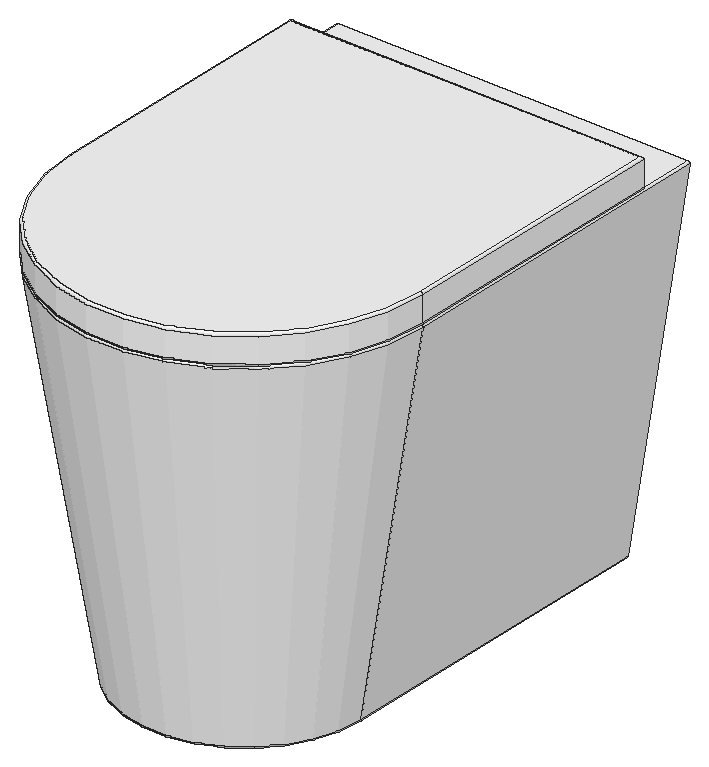
Revit family "Plum Fix_Toilet_Argent_Grace Compact Wall Faced Hygienic Flush_ S&P Trap", category Plumbing Fixtures, Revit 2016
Family settings
  Part Type = Normal
  Round Connector Dimension = Use Diameter
  OmniClass Number = 23.45.05.21.11
  OmniClass Title = Water Closets
  Work Plane-Based = No
  Always vertical = Yes
  Cut with Voids When Loaded = No
  Shared = No
  Room Calculation Point = No
Parameters (values of type "S/P-Trap (8H157R001S4B)")
  Waste Connection = yes
  Vent Connection = no
  Uniclass2015Version = "Products v1.17"
  Uniclass2015Title = "WC suites"
  Uniclass2015Code = "Pr_40_20_93_97"
  URL = "https://www.argentaust.com.au/"
  Type Comments = "S/P-Trap"
  Toilet S Trap = not(Toilet P Trap)  # no
  Toilet P Trap = yes
  ModifiedIssue_ANZRS = 20200415
  Model = "8H157R001S4B"
  Manufacturer_URL__Product Specific = "https://www.argentaust.com.au/argent-toilets-wall-faced-grace-compact-hygienicflush-wall-faced-toilet?item=11063"
  Manufacturer_Spec Code = Model  # "8H157R001S4B"
  Manufacturer_Overall Width = 370 mm  # constant formula
  Manufacturer_Overall Height = 426 mm  # constant formula
  Manufacturer_Overall Depth = 535 mm  # constant formula
  Manufacturer_Height From FFL [instance] = 0 mm
  Manufacturer = "Argent"  # constant formula
  Keynote = ""
  IfcExportType = "TOILETPAN"
  IfcExportAs = "IfcSanitaryTerminal"
  HW Connection = no
  Description = "Grace Compact HygienicFlush Wall Faced WELS 4 Star / 4.5/3L (3.5Avg)Flush"
  CreatedBy_ANZRS = "IGS BIM Solutions"  # constant formula
  CreatedByURL_ANZRS = "https://igsgroup.com.au"
  Cost = 0
  CW Connection = yes
  Body Material = z_Argent_Ceramic White
  Assembly Code = ""
Reference planes
  plane 1 "Ref. Level": z = 0
  plane 2 "Center (Left/Right)": x = -4.48
  plane 3 "Left": x = -189.48
  plane 4 "Right": x = 180.52
  plane 5 "Center (Front/Back)": y = -625.5
  plane 6 "Back": y = -358
  plane 7 "Bottom": z = 0
  plane 8 "Front": y = -893
  plane 9 "Top": z = 426
  plane 10 "Toilet Seat Height Ref.": z = 395
Forms (mm)
  Sweep 1, solid, material "z_Argent_Ceramic White" <- "Body Material"
    path origin (0, 0, 426) x (0, 1, 0) y (-1, 0, 0)
      loop
        line (-358, -180.52) -> (-708, -180.52)
        arc (-708, -180.52) -> (-893, 4.48) -> (-708, 189.48) r 185
        line (-708, 189.48) -> (-358, 189.48)
    profile origin (-4.48, -893, 426) x (0, -1, 0) y (0, 0, 1)
      loop
        line (-1.994, -31) -> (-30.008, -31) -> (-30.008, -56.045) -> (-95.181, -426) -> (-66.753, -426)
        arc (-66.753, -426) -> (-65.459, -425.525) -> (-64.78, -424.327) r 2
        line (-64.78, -424.327) -> (-0.021, -33.327)
        arc (-0.021, -33.327) -> (-0.469, -31.706) -> (-1.994, -31) r 2
  Extrusion 2, solid, material "z_Argent_Ceramic White" <- "Body Material"
    sketch origin (0, 0, 426) x (0, 1, 0) y (-1, 0, 0)
      loop
        line (-463, 4.48) -> (-463, -30.838)
        arc (-463, -30.838) -> (-482.411, -93.237) -> (-533.793, -133.614) r 110
        arc (-533.793, -133.614) -> (-578.875, -146.252) -> (-625.5, -150.512) r 257.296
        line (-625.5, -150.512) -> (-358, -150.512) -> (-358, 159.472) -> (-625.5, 159.472)
        arc (-625.5, 159.472) -> (-578.875, 155.212) -> (-533.793, 142.574) r 257.296
        arc (-533.793, 142.574) -> (-482.411, 102.197) -> (-463, 39.798) r 110
        line (-463, 39.798) -> (-463, 4.48)
    from -31 to -56
  Revolve 3, solid, material "z_Argent_Ceramic White" <- "Body Material"
    sketch origin (95.52, 0, 395) x (0, 1, 0) y (-1, 0, 0)
      loop
        line (-463, 100) -> (-458, 100) -> (-458, 135.318)
        arc (-458, 135.318) -> (-478.293, 200.554) -> (-532.011, 242.766) r 115
        arc (-532.011, 242.766) -> (-577.969, 255.649) -> (-625.5, 259.992) r 262.296
        line (-625.5, 259.992) -> (-708, 259.992)
        arc (-708, 259.992) -> (-821.131, 213.131) -> (-867.992, 100) r 159.992
        line (-867.992, 100) -> (-862.992, 100)
        arc (-862.992, 100) -> (-817.596, 209.596) -> (-708, 254.992) r 154.992
        line (-708, 254.992) -> (-625.5, 254.992)
        arc (-625.5, 254.992) -> (-578.875, 250.732) -> (-533.793, 238.094) r 257.296
        arc (-533.793, 238.094) -> (-482.411, 197.717) -> (-463, 135.318) r 110
        line (-463, 135.318) -> (-463, 100)
      axis (-458, 100) -> (-867.992, 100)
    angle from 0 to 180
  Extrusion 4, solid, material "z_Argent_Ceramic White" <- "Body Material"
    sketch origin (0, 0, 426) x (0, 1, 0) y (-1, 0, 0)
      loop
        line (-449, 158.48) -> (-708, 158.48)
        arc (-708, 158.48) -> (-862, 4.48) -> (-708, -149.52) r 154
        line (-708, -149.52) -> (-449, -149.52) -> (-449, 158.48)
    from -31 to 0
  Sweep 5, solid, material "z_Argent_Ceramic White" <- "Body Material"
    path origin (0, 0, 426) x (0, 1, 0) y (-1, 0, 0)
      loop
        line (-418, 189.48) -> (-708, 189.48)
        arc (-708, 189.48) -> (-893, 4.48) -> (-708, -180.52) r 185
        line (-708, -180.52) -> (-418, -180.52) -> (-418, 189.48)
    profile origin (-189.48, -563, 426) x (1, 0, 0) y (0, 0, 1)
      loop
        arc (2.5, 0) -> (0.732, -0.732) -> (0, -2.5) r 2.5
        line (0, -2.5) -> (0, -29)
        arc (0, -29) -> (0.586, -30.414) -> (2, -31) r 2
        line (2, -31) -> (31, -31) -> (31, 0) -> (2.5, 0)
  Extrusion 6, solid, material "z_Argent_Ceramic White" <- "Body Material"
    sketch origin (0, -358, -5) x (-1, 0, 0) y (0, 0, -1)
      loop
        circle (4.48, -350) r 25
    from 0 to 1
  Extrusion 7, solid, material "z_Argent_Ceramic White" <- "Body Material", visible <- "Toilet P Trap"
    sketch origin (-137.256, -358, 4000) x (-1, 0, 0) y (0, 0, 1)
      loop
        circle (-132.776, -3820) r 45
      loop
        circle (-132.776, -3820) r 42.5
    from -10 to 0
  Extrusion 8, solid, material "z_Argent_Ceramic White" <- "Body Material", visible <- "Toilet S Trap"
    sketch origin (-89.564, -1524, 0) x (0, -1, 0) y (1, 0, 0)
      loop
        circle (-898.5, 85.084) r 42.5
      loop
        circle (-898.5, 85.084) r 45
    from 0 to -10
Cuts and joins
  joined: Sweep 1, Extrusion 2, Revolve 3
  joined: Extrusion 4, Sweep 5
Lines and regions (mm)
  Masking region 1
    outline origin (0, 0, 426) x (0, 1, 0) y (-1, 0, 0)
      loop
        line (-358, 189.48) -> (-708, 189.48)
        arc (-708, 189.48) -> (-893, 4.48) -> (-708, -180.52) r 185
        line (-708, -180.52) -> (-358, -180.52) -> (-358, 189.48)
  symbolic lines, style "Toilets/Bidets", detail levels fine
    curve 1: line (-189.48, -418, 426) -> (180.52, -418, 426)
Text (mm)
  text "Disclaimer:\n\nDue to ongoing product development and manufacturing evolution, product details are subject to change without notice. Please refer to product technical data sheets on the manufacturer’s website for the most current product information. Please allow a +/- 5mm manufacturing tolerance for dimensions and set-outs shown in product literature." at (281.849, -544.218, 0), in view "Ref. Level_Instruction"
Dimensions and locks
  "Manufacturer_Overall Height": plane 9 "Top" to plane 7 "Bottom"
  equal spacing: plane 3 "Left", plane 2 "Center (Left/Right)", plane 4 "Right"
  "Manufacturer_Overall Width": plane 3 "Left" to plane 4 "Right"
  "Manufacturer_Overall Depth": plane 8 "Front" to plane 6 "Back"
  equal spacing: plane 8 "Front", plane 5 "Center (Front/Back)", plane 6 "Back"
  plane 9 "Top" to plane 7 "Bottom" = 426 mm
  "Manufacturer_Height From FFL": plane 7 "Bottom" to plane 1 "Ref. Level"
  locked: plane 10 "Toilet Seat Height Ref." to plane 7 "Bottom" at 395
  aligned and locked: Revolve 3 sketch curve to plane 2 "Center (Left/Right)"
Automatic sketch dimensions
  Sweep 1 sketch curve to plane 2 "Center (Left/Right)" = 0 mm
  Sweep 1 sketch curve to plane 4 "Right" = 0 mm
  Sweep 1 sketch curve to plane 5 "Center (Front/Back)" = 82.5 mm
  Sweep 1 sketch curve to plane 6 "Back" = 0 mm  (x2)
  Extrusion 2 sketch curve to plane 5 "Center (Front/Back)" = 0 mm  (x2)
  Extrusion 2 sketch curve to plane 2 "Center (Left/Right)" = 0 mm
  Extrusion 2 sketch curve to plane 6 "Back" = 0 mm
  Extrusion 2 sketch curve to plane 2 "Center (Left/Right)" = 35.318 mm
  plane 5 "Center (Front/Back)" to Extrusion 2 sketch curve = 52.5 mm  (x2)
  plane 2 "Center (Left/Right)" to Extrusion 2 sketch curve = 35.318 mm
  Extrusion 2 sketch curve to plane 6 "Back" = 105 mm
  Extrusion 2 sketch curve to plane 4 "Right" = 82.696 mm
  plane 3 "Left" to Extrusion 2 sketch curve = 82.696 mm
  plane 3 "Left" to Extrusion 2 sketch curve = 30.008 mm
  Extrusion 2 sketch curve to plane 4 "Right" = 30.008 mm
  Revolve 3 sketch curve to Revolve 3 sketch curve = 0 mm  (x6)
  Revolve 3 sketch curve to plane 2 "Center (Left/Right)" = 0 mm  (x2)
  Revolve 3 sketch curve to plane 5 "Center (Front/Back)" = 0 mm
  Revolve 3 sketch curve to plane 5 "Center (Front/Back)" = 82.5 mm
  Revolve 3 sketch curve to plane 8 "Front" = 30.008 mm
  Revolve 3 sketch curve to Revolve 3 sketch curve = 5 mm  (x2)
  Revolve 3 sketch curve to plane 2 "Center (Left/Right)" = 35.318 mm
  plane 5 "Center (Front/Back)" to Revolve 3 sketch curve = 52.5 mm
  Revolve 3 sketch curve to plane 6 "Back" = 105 mm
  Revolve 3 sketch curve to plane 4 "Right" = 82.696 mm
  plane 8 "Front" to Revolve 3 sketch curve = 70.446 mm
  plane 6 "Back" to Revolve 3 sketch curve = 36.228 mm
  Sweep 5 sketch curve to plane 3 "Left" = 0 mm
  Sweep 5 sketch curve to plane 2 "Center (Left/Right)" = 0 mm
  Sweep 5 sketch curve to plane 5 "Center (Front/Back)" = 82.5 mm
  Sweep 5 sketch curve to plane 6 "Back" = 60 mm
  Extrusion 4 sketch curve to plane 4 "Right" = 31 mm
  Extrusion 4 sketch curve to plane 2 "Center (Left/Right)" = 0 mm
  Extrusion 4 sketch curve to plane 5 "Center (Front/Back)" = 82.5 mm
  Extrusion 4 sketch curve to plane 6 "Back" = 91 mm
  plane 4 "Right" to Extrusion 6 sketch curve = 185 mm
  Extrusion 6 sketch curve to plane 10 "Toilet Seat Height Ref." = 50 mm
  Extrusion 7 sketch curve to Extrusion 7 sketch curve = 0 mm  (x3)
  Extrusion 7 sketch curve to plane 2 "Center (Left/Right)" = 0 mm
  Masking region 1 sketch curve to plane 6 "Back" = 0 mm
  Masking region 1 sketch curve to plane 5 "Center (Front/Back)" = 82.5 mm
  Masking region 1 sketch curve to plane 3 "Left" = 0 mm
  Masking region 1 sketch curve to plane 2 "Center (Left/Right)" = 0 mm
  curve 1 to plane 6 "Back" = 60 mm
  profile plane to Sweep 1 sketch curve = 95.181 mm
  Sweep 1 sketch curve to Sweep 1 sketch curve = 28.428 mm
  profile plane to Sweep 1 sketch curve = 30.008 mm
  profile plane to Sweep 1 sketch curve = 1.994 mm
  profile plane to Sweep 1 sketch curve = 0.021 mm
  plane 9 "Top" to Sweep 1 sketch curve = 426 mm
  Sweep 1 sketch curve to Sweep 1 sketch curve = 1.673 mm
  Sweep 1 sketch curve to Sweep 1 sketch curve = 0.327 mm  (x2)
  plane 9 "Top" to Sweep 1 sketch curve = 56.045 mm
  plane 9 "Top" to Sweep 1 sketch curve = 33.327 mm
  profile plane to Sweep 5 sketch curve = 0 mm
  Sweep 5 sketch curve to plane 9 "Top" = 0 mm
  Sweep 5 sketch curve to profile plane = 2 mm
  plane 9 "Top" to Sweep 5 sketch curve = 2.5 mm
  Sweep 5 sketch curve to Sweep 5 sketch curve = 29 mm
  Sweep 5 sketch curve to Sweep 5 sketch curve = 26.5 mm
  Extrusion 8 sketch curve to Extrusion 8 sketch curve = 0 mm  (x2)
  Extrusion 8 sketch curve to plane 2 "Center (Left/Right)" = 0 mm
  Extrusion 8 sketch curve to plane 5 "Center (Front/Back)" = 0 mm
  level to Extrusion 7 sketch curve = 180 mm
  curve 1 to plane 4 "Right" = 0 mm
  curve 1 to plane 3 "Left" = 0 mm
  radius of Extrusion 6 sketch curve = 25 mm
  radius of Extrusion 7 sketch curve = 45 mm
  radius of Extrusion 7 sketch curve = 42.5 mm
  radius of Extrusion 8 sketch curve = 42.5 mm
  radius of Extrusion 8 sketch curve = 45 mm
Connectors
  piping at (-4.48, -358, 345), diameter 50, driven by "CW Connection"
    settings: on Extrusion 6, index 1, connector inside diameter 609.6 mm, connector length 0 mm, flow factor 0, pipe flow 0.000 L/s, pressure drop 0.0 Pa, fitting loss kfactor 0, connector angle 0.00°, fixture units 0, engagement length 0 mm, angle of deflection 0.00°, flow configuration 0, flow direction 0, fitting loss method 0, system type 20, joint type 0, gender type 0, connector reference index -1, connector utility 1, adjustable connector no, is connector primary yes, connector description "Cold Water Supply"
  piping at (-4.48, -358, 180), diameter 90, driven by "Waste Connection"
    settings: on Extrusion 7, index 2, connector inside diameter 609.6 mm, connector length 0 mm, flow factor 0, pipe flow 0.000 L/s, pressure drop 0.0 Pa, fitting loss kfactor 0, connector angle 0.00°, fixture units 0, engagement length 0 mm, angle of deflection 0.00°, flow configuration 2, flow direction 2, fitting loss method 4, system type 16, joint type 0, gender type 0, connector reference index -1, connector utility 1, adjustable connector no, is connector primary no, connector description "Waste Outlet"
  piping at (-4.48, -625.5, 0), diameter 90, driven by "Waste Connection"
    settings: on Extrusion 8, index 3, connector inside diameter 609.6 mm, connector length 0 mm, flow factor 0, pipe flow 0.000 L/s, pressure drop 0.0 Pa, fitting loss kfactor 0, connector angle 0.00°, fixture units 0, engagement length 0 mm, angle of deflection 0.00°, flow configuration 2, flow direction 2, fitting loss method 4, system type 16, joint type 0, gender type 0, connector reference index -1, connector utility 1, adjustable connector no, is connector primary no, connector description "Waste Outlet"
